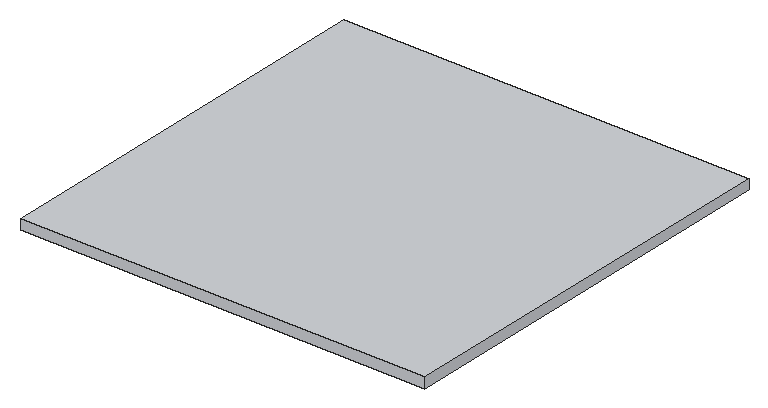
Revit family "90921", category Aparatos sanitarios, Revit 2017
Family settings
  Anfitrión = Cara
  Cota de conector redondo = Diámetro de uso
  Tipo de pieza = Normal
  Número OmniClass = 23.45.55.14
  Título OmniClass = Single Faucets
  Corte con vacíos al cargar = No
  Compartido = No
  Punto de cálculo de habitación = No
Parameters
  URL = "http://www.griferiasgalindo.com"
  Teléfono = "(+34) 915 782 575"
  TIPO DE AGUA = "Fria/Caliente"
  REFERENCIA = "90921"
  Presión Máxima = "Max. 8 bar"
  PESO BRUTO = "1,320 Kg"
  Modelo = "PRESTO XT 2000 - LM Blanco"
  Material = LATON CROMADO
  Imagen de tipo = <Ninguno>
  Fabricante = "PRESTO IBÉRICA"
  Default Elevation = 1219.2 mm
  ENTRADA = "Con latiguillos flexibles de 1/2\""
  Descripción = "Grifos temporalizado mezclador para instalación sobre repisa y apertura por pulsador."
  Código de montaje = "C1030220"
  Contacto = "info@prestoiberica.com"
  Conexión AF = yes
  Conexión AC = yes
  Comentarios de tipo = "Cuerpo en pintura de alta resistencia y pulsador en latón cromado. Piezas interiores en matieriales resistentes a la corrosión e incrustaciones calcáreas. Cabeza intercambiable.Suministrado con brida, latiguillos flexibles en acero inoxidable de  1/2\" y 350 mm, 2 llaves de paso y juntas. Válvulas antirretorno incorporadas que impiden la intercomunicación de agua fría y caliente. Selección de temperatura por maneta lateral."
  CIERRE = "Automático en 10 seg."
  CAUDAL = "5 l/min\r\n5 l/min"
  Accionamiento = "Mediante pulsador"
Reference planes
  plane 1 "Centro (Frontal/Posterior)": y = 0
  plane 2: z = 0
  plane 3 "Centro (Izquierda/Derecha)": x = 0
Forms (mm)
  Extrusion 1, solid
    sketch origin (0, 0, 0) x (1, 0, 0) y (0, 1, 0)
      loop
        line (-100, 100) -> (-100, -100) -> (100, -100) -> (100, 100) -> (-100, 100)
    from 0 to -5
Dimensions and locks
  Extrusion 1 sketch curve to plane 1 "Centro (Frontal/Posterior)" = 100 mm
  aligned and locked: plane 2 to Extrusion 1
  aligned and locked: level to Extrusion 1
Connectors
  piping at (-10.555, -3, 0), diameter 12.7
    settings: on import instance, index 1, connector inside diameter 609.6 mm, connector length 0 mm, flow factor 0, pipe flow 0.0 L/s, pressure drop 0.0 Pa, fitting loss kfactor 0, connector angle 0.00°, fixture units 0, engagement length 0 mm, angle of deflection 0.00°, flow configuration 0, flow direction 1, fitting loss method 0, system type 19, joint type 0, gender type 0, connector reference index -1, connector utility 0, adjustable connector no, is connector primary yes, connector description ""
  piping at (-10.555, 10, 0), diameter 12.7
    settings: on import instance, index 2, connector inside diameter 609.6 mm, connector length 0 mm, flow factor 0, pipe flow 0.0 L/s, pressure drop 0.0 Pa, fitting loss kfactor 0, connector angle 0.00°, fixture units 0, engagement length 0 mm, angle of deflection 0.00°, flow configuration 0, flow direction 1, fitting loss method 0, system type 20, joint type 0, gender type 0, connector reference index -1, connector utility 0, adjustable connector no, is connector primary no, connector description ""
